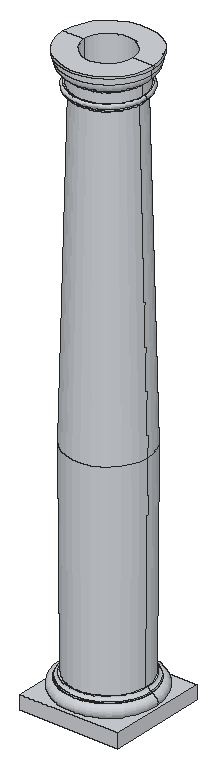
Revit family "Tuscan Column", category 기둥, Revit 2026
Family settings
  로드될 때 보이드를 사용하여 절단 = 아니오
  자동으로 형상을 벽에 결합합니다 = 예
  공유 = 아니오
  평면도에서 미리 절단된 패밀리 표시 = 예
Parameters (values of type "400")
  키노트 = "G"
  조합 코드 = "C3010300"
  Base Material = none
  Base Width = (Diameter * 2) + 101.6 mm  # 501.6 mm
  Diameter = 200 mm
  Material = none
  Height [instance] = 3000 mm
  Width = Diameter * 2  # 400 mm
  db = Diameter - 6.35 mm  # 193.65 mm
  dt = Diameter - 38.1 mm  # 161.9 mm
Types (5, lengths in mm): name | Base Width | Diameter | Width | db | dt
  (no name) | 501.6 | 200 | 400 | 193.65 | 161.9
  300 | 401.6 | 150 | 300 | 143.65 | 111.9
  400 | 501.6 | 200 | 400 | 193.65 | 161.9
  250 | 351.6 | 125 | 250 | 118.65 | 86.9
  200 | 301.6 | 100 | 200 | 93.65 | 61.9
Reference planes
  plane 1 "Center (Front/Back)": y = 0
  plane 2: z = 0
  plane 3 "Center (Left/Right)": x = -100.012
  plane 4: x = -350.812
  plane 5: x = 150.788
  plane 6: y = 250.8
  plane 7: y = -250.8
  plane 8: z = 3000
  plane 9: z = 69.85
  plane 10: z = 2906.401
  plane 11 "tob": z = 153.045
  plane 12: x = -300.012
  plane 13: x = 99.988
  plane 14: y = -200
  plane 15: y = 200
  plane 16: z = 2809.119
  plane 17 "t": z = 1200
  plane 18: z = 600
  plane 19: z = 1800
  plane 20: z = 2400
Forms (mm)
  Extrusion 1, solid
    sketch origin (0, 0, 0) x (1, 0, 0) y (0, 1, 0)
      loop
        line (-350.812, 250.8) -> (-350.812, -250.8) -> (150.788, -250.8) -> (150.788, 250.8) -> (-350.812, 250.8)
    from 0 to 69.85
  Revolve 2, solid
    sketch origin (0, 0, 0) x (1, 0, 0) y (0, 0, 1)
      loop
        line (-320.849, 69.85) -> (-261.912, 69.85) -> (-261.912, 153.045) -> (-302.401, 153.045)
        arc (-302.401, 153.045) -> (-306.951, 142.063) -> (-317.933, 137.513) r 15.532
        line (-317.933, 137.513) -> (-317.933, 130.175) -> (-320.849, 130.175)
        arc (-320.849, 130.175) -> (-351.012, 100.013) -> (-320.849, 69.85) r 30.162
      axis (-100.012, 153.045) -> (-100.012, 69.85)
    angle from 0 to 360
  Revolve 3, solid
    sketch origin (0, 0, 0) x (1, 0, 0) y (0, 0, 1)
      loop
        line (-223.812, 3000) -> (-330.175, 3000) -> (-330.175, 2988.875) -> (-320.65, 2988.875) -> (-320.65, 2958.725) -> (-317.475, 2958.725)
        arc (-317.475, 2958.725) -> (-310.753, 2929.04) -> (-284.137, 2914.275) r 37.254
        line (-284.137, 2914.275) -> (-284.137, 2906.401)
        arc (-284.137, 2906.401) -> (-277.402, 2903.611) -> (-274.612, 2896.876) r 9.525
        line (-274.612, 2896.876) -> (-274.612, 2847.567) -> (-283.84, 2847.567)
        arc (-283.84, 2847.567) -> (-293.298, 2838.875) -> (-285.434, 2828.719) r 9.491
        line (-285.434, 2828.719) -> (-285.434, 2821.06)
        arc (-285.434, 2821.06) -> (-276.99, 2817.563) -> (-273.492, 2809.119) r 11.942
        line (-273.492, 2809.119) -> (-223.812, 2809.119) -> (-223.812, 3000)
      axis (-100.012, 3000) -> (-100.012, 2809.119)
    angle from 0 to 360
  Blend 4, solid
    base sketch origin (0, 0, 0) x (1, 0, 0) y (0, 1, 0)
      loop
        circle (-100.012, 0) r 193.65
    top sketch origin (0, 0, 0) x (1, 0, 0) y (0, 1, 0)
      loop
        circle (-100.012, 0) r 200
    from 153.045 to 1200
  Blend 5, solid
    base sketch origin (0, 0, 0) x (1, 0, 0) y (0, 1, 0)
      loop
        circle (-100.012, 0) r 200
    top sketch origin (0, 0, 0) x (1, 0, 0) y (0, 1, 0)
      loop
        circle (-100.012, 0) r 161.9
    from 1200 to 2809.119
Cuts and joins
  joined: Extrusion 1, Revolve 2, Revolve 3, Blend 4, Blend 5
Dimensions and locks
  equal spacing: plane 4, plane 3 "Center (Left/Right)", plane 5
  equal spacing: plane 7, plane 1 "Center (Front/Back)", plane 6
  "Base Width": plane 7 to plane 6
  "Base Width": plane 4 to plane 5
  locked: plane 9 to plane 2 at 69.85
  "Height": plane 8 to plane 2
  locked: plane 8 to plane 10 at 93.599
  "Width": plane 14 to plane 15
  "Width": plane 12 to plane 13
  equal spacing: plane 12, plane 3 "Center (Left/Right)", plane 13
  equal spacing: plane 14, plane 1 "Center (Front/Back)", plane 15
  locked: plane 8 to plane 16 at 190.881
  locked: plane 11 "tob" to plane 2 at 153.045
  equal spacing: plane 8, plane 20, plane 19, plane 17 "t", plane 18, plane 2
  locked: Revolve 3 sketch curve to plane 12 at 76.2
  Revolve 3 sketch curve to Revolve 3 sketch curve to plane 12 to Revolve 3 sketch curve to Revolve 3 sketch curve = 9.525 mm locked, 20.637 mm locked, 15.875 mm locked, 9.525 mm locked
  locked: plane 12 to Revolve 2 sketch curve at 38.1
  plane 12 to Revolve 2 sketch curve to Revolve 2 sketch curve to Revolve 2 sketch curve = 2.389 mm locked, 15.532 mm locked, 2.916 mm locked
  "Diameter": radius of Blend 5 sketch curve
  "dt": radius of Blend 5 sketch curve
  "db": radius of Blend 4 sketch curve
  "Diameter": radius of Blend 4 sketch curve
  aligned and locked: plane 5 to Extrusion 1 sketch curve
  aligned and locked: plane 6 to Extrusion 1 sketch curve
  aligned and locked: Extrusion 1 sketch curve to plane 4
  aligned and locked: Extrusion 1 sketch curve to plane 7
  aligned and locked: Extrusion 1 to plane 9
  aligned and locked: Revolve 3 sketch curve to plane 8
  aligned and locked: Revolve 3 sketch curve to plane 16
  aligned and locked: plane 17 "t" to Blend 4
  aligned and locked: Blend 4 to plane 11 "tob"
  aligned and locked: Blend 5 to plane 17 "t"
  aligned and locked: plane 16 to Blend 5
Automatic sketch dimensions
  Blend 4 sketch curve to plane 1 "Center (Front/Back)" = 0 mm  (x2)
  Blend 4 sketch curve to plane 3 "Center (Left/Right)" = 0 mm  (x2)
  Blend 5 sketch curve to plane 1 "Center (Front/Back)" = 0 mm  (x2)
  Blend 5 sketch curve to plane 3 "Center (Left/Right)" = 0 mm  (x2)
  Revolve 3 sketch curve to plane 10 = 0 mm
  Revolve 3 sketch curve to plane 3 "Center (Left/Right)" = 0 mm
  plane 12 to Revolve 3 sketch curve = 26.52 mm
  plane 12 to Revolve 3 sketch curve = 19.063 mm
  Revolve 3 sketch curve to Revolve 3 sketch curve = 9.228 mm
  plane 12 to Revolve 3 sketch curve = 14.578 mm
  Revolve 3 sketch curve to Revolve 3 sketch curve = 3.175 mm
  Revolve 3 sketch curve to Revolve 3 sketch curve = 7.658 mm
  Revolve 3 sketch curve to Revolve 3 sketch curve = 9.357 mm
  plane 16 to Revolve 3 sketch curve = 48.006 mm
  plane 10 to Revolve 3 sketch curve = 7.874 mm
  Revolve 3 sketch curve to Revolve 3 sketch curve = 37.118 mm
  plane 8 to Revolve 3 sketch curve = 41.275 mm
  plane 8 to Revolve 3 sketch curve = 11.125 mm
  Revolve 2 sketch curve to plane 9 = 0 mm
  Revolve 2 sketch curve to plane 11 "tob" = 0 mm
  Revolve 2 sketch curve to plane 3 "Center (Left/Right)" = 0 mm
  Revolve 2 sketch curve to plane 9 = 26.045 mm
  Revolve 2 sketch curve to Revolve 2 sketch curve = 30.162 mm
  plane 11 "tob" to Revolve 2 sketch curve = 44.45 mm
